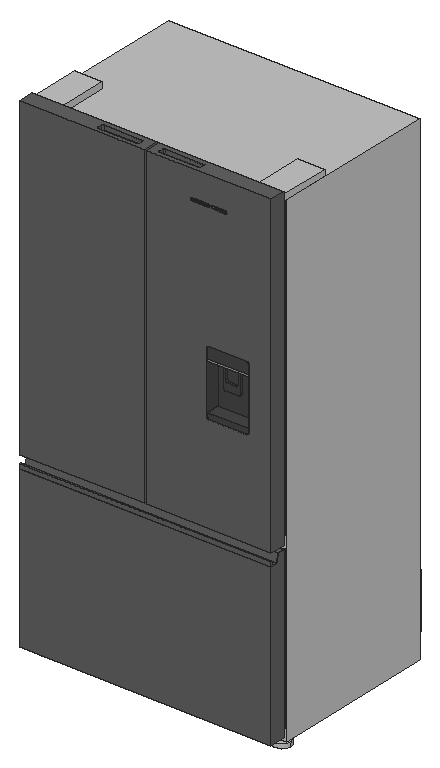
Revit family "FP-Revit22-en-RF610ANUB5-ActivesmartRefrigerator-0-90004251A-SG", category Specialty Equipment, Revit 2022
Family settings
  Round Connector Dimension = Use Diameter
  Part Type = Normal
  OmniClass Number = 23.40.40.11.11.17
  OmniClass Title = Refrigerator-Freezer
  Work Plane-Based = No
  Always vertical = Yes
  Cut with Voids When Loaded = Yes
  Maintain Annotation Orientation = No
  Shared = No
  Room Calculation Point = No
Parameters (values of type "RF610ANUB7")
  Visibility - Clearance Required = yes
  URL = "www.fisherpaykel.com"
  Product - Width = 900 mm  # constant formula
  Product - Height = 1795 mm  # constant formula
  Product - Depth = 695 mm  # constant formula
  Model = "RF610ANUB7"
  Material - Trim = Fisher & Paykel - Aluminium, Dark
  Material - Door Structure = Fisher & Paykel - White
  Material - Door Front = Fisher & Paykel - Stainless Steel, Dark
  Material - Body = Fisher & Paykel - Grey
  Manufacturer = "Fisher & Paykel Appliances"
  Description = "90cm French Door Refrigerator Freezer, Ice and Water"
  Default Elevation = 0 mm
  Connector Description - Water = "Ø6mm (1/4”) quick connect, Max Supply Pressure 120psi (827kPa)"
  Connector Description - Electrical = "230 V, 50 Hz"
  Chassis - Width = 900 mm  # constant formula
  Chassis - Height = 1737 mm  # constant formula
  Chassis - Depth = 625 mm  # constant formula
  Cavity - Width = 940 mm  # constant formula
  Cavity - Height = 1815 mm  # constant formula
  Cavity - Depth = 695 mm  # constant formula
Reference planes
  plane 1 "Datum": y = 0
  plane 2: z = 0
  plane 3 "Center (Left/Right)": x = 0
  plane 4 "Product LHS": x = -450
  plane 5 "Product RHS": x = 450
  plane 6 "Product - Depth": y = 625
  plane 7 "Cavity LHS": x = -470
  plane 8 "Cavity RHS": x = 470
  plane 9 "Cavity - Depth": y = 625
  plane 10 "Cavity Height": z = 1815
  plane 11 "Product - Height": z = 1795
  plane 12 "Door Front": y = -70
Forms (mm)
  Extrusion 1, solid, material "Fisher & Paykel - Grey" <- "Material - Body"
    sketch origin (0, -1.89, -0.809) x (0, 1, 0) y (0, 0, 1)
      loop
        line (1.89, 24.809) -> (596.89, 24.809) -> (596.89, 1761.809) -> (1.89, 1761.809) -> (1.89, 24.809)
    from -450 to 450
  Extrusion 2, void
    sketch origin (-955, 0, 0) x (1, 0, 0) y (0, 0, 1)
      loop
        arc (1182.459, 1245.1) -> (1176.803, 1242.757) -> (1174.459, 1237.1) r 8
        line (1174.459, 1237.1) -> (1174.459, 1017.5)
        arc (1174.459, 1017.5) -> (1176.803, 1011.843) -> (1182.459, 1009.5) r 8
        line (1182.459, 1009.5) -> (1316.959, 1009.5)
        arc (1316.959, 1009.5) -> (1322.616, 1011.843) -> (1324.959, 1017.5) r 8
        line (1324.959, 1017.5) -> (1324.959, 1237.1)
        arc (1324.959, 1237.1) -> (1322.616, 1242.757) -> (1316.959, 1245.1) r 8
        line (1316.959, 1245.1) -> (1182.459, 1245.1)
    from 15 to 70.043
  Extrusion 3, solid, material "Fisher & Paykel - Clearance Required", visible <- "Visibility - Clearance Required", detail levels coarse
    sketch origin (0, 0, 0) x (0, 1, 0) y (0, 0, 1)
      loop
        line (-70.043, 647) -> (-429.921, 647) -> (-429.921, 41) -> (-70.043, 41) -> (-70.043, 647)
    from -457 to 457
  Extrusion 4, solid, material "Fisher & Paykel - White" <- "Material - Door Structure"
    sketch origin (0, 0, 0) x (1, 0, 0) y (0, 0, 1)
      loop
        line (-439, 639) -> (-439, 63) -> (442, 63) -> (442, 639) -> (-439, 639)
      loop
        line (-12, 682) -> (-12, 1755) -> (-439, 1755) -> (-439, 682) -> (-12, 682)
      loop
        line (12, 682) -> (442, 682) -> (442, 1755) -> (12, 1755) -> (12, 682)
    from 0 to 15
  Extrusion 5, solid, material "Fisher & Paykel - Stainless Steel, Dark" <- "Material - Door Front"
    sketch origin (0, 0, 0) x (1, 0, 0) y (0, 0, 1)
      loop
        line (-450, 660) -> (-4, 660) -> (-4, 1795) -> (-450, 1795) -> (-450, 660)
      loop
        line (4, 1795) -> (4, 660) -> (450, 660) -> (450, 1795) -> (4, 1795)
    from 15 to 70.043
  Extrusion 6, solid, material "Fisher & Paykel - Clearance Required", visible <- "Visibility - Clearance Required", detail levels coarse
    sketch origin (0, 0, 0) x (1, 0, 0) y (0, 1, 0)
      loop
        line (-470, 625) -> (-470, 0) -> (-584.999, 0) -> (-584.999, -70) -> (584.999, -70) -> (584.999, 0) -> (470, 0) -> (470, 625) -> (-470, 625)
    from 0 to 1810
  Extrusion 7, solid, material "Fisher & Paykel - Clearance Required", visible <- "Visibility - Clearance Required", detail levels coarse
    sketch origin (0, 0, 0) x (1, 0, 0) y (0, 1, 0)
      loop
        line (-524.032, -70.043) -> (-784.022, -304.139)
        arc (-784.022, -304.139) -> (-313.722, -454.62) -> (-4, -70.043) r 436.47
        line (-4, -70.043) -> (-524.032, -70.043)
      loop
        line (524.032, -70.043) -> (4, -70.043)
        arc (4, -70.043) -> (313.722, -454.62) -> (784.022, -304.139) r 436.47
        line (784.022, -304.139) -> (524.032, -70.043)
    from 660 to 1810
  Extrusion 8, solid, material "Fisher & Paykel - Aluminium, Dark" <- "Material - Trim", detail levels medium+fine
    sketch origin (0, 0, 0) x (0, 1, 0) y (0, 0, 1)
      loop
        line (-15, 647) -> (-39.682, 647) -> (-44.971, 617) -> (-63.531, 617) -> (-66, 631) -> (-70, 631) -> (-70, 615) -> (-43.293, 615) -> (-38.003, 645) -> (-15, 645) -> (-15, 647)
    from -450 to 450
  Extrusion 9, solid, material "Fisher & Paykel - Grey" <- "Material - Body", detail levels medium+fine
    sketch origin (0, 0, 0) x (1, 0, 0) y (0, 1, 0)
      loop
        line (-351.4, 174) -> (-448.4, 174) -> (-448.4, -15) -> (-351.4, -15) -> (-351.4, 174)
      loop
        line (351.4, 174) -> (351.4, -15) -> (448.4, -15) -> (448.4, 174) -> (351.4, 174)
    from 1761 to 1783
  Extrusion 10, void
    sketch origin (0, 0, 0) x (1, 0, 0) y (0, 1, 0)
      loop
        arc (-179.6, -33.15) -> (-183.136, -34.614) -> (-184.6, -38.15) r 5
        line (-184.6, -38.15) -> (-184.6, -51.85)
        arc (-184.6, -51.85) -> (-183.136, -55.386) -> (-179.6, -56.85) r 5
        line (-179.6, -56.85) -> (-39.9, -56.85)
        arc (-39.9, -56.85) -> (-36.364, -55.386) -> (-34.9, -51.85) r 5
        line (-34.9, -51.85) -> (-34.9, -38.15)
        arc (-34.9, -38.15) -> (-36.364, -34.614) -> (-39.9, -33.15) r 5
        line (-39.9, -33.15) -> (-179.6, -33.15)
      loop
        line (179.6, -33.15) -> (39.9, -33.15)
        arc (39.9, -33.15) -> (36.364, -34.614) -> (34.9, -38.15) r 5
        line (34.9, -38.15) -> (34.9, -51.85)
        arc (34.9, -51.85) -> (36.364, -55.386) -> (39.9, -56.85) r 5
        line (39.9, -56.85) -> (179.6, -56.85)
        arc (179.6, -56.85) -> (183.136, -55.386) -> (184.6, -51.85) r 5
        line (184.6, -51.85) -> (184.6, -38.15)
        arc (184.6, -38.15) -> (183.136, -34.614) -> (179.6, -33.15) r 5
    from 1780.5 to 1795
  Extrusion 11, void
    sketch origin (0, 0, 0) x (1, 0, 0) y (0, 1, 0)
      loop
        arc (-179.6, -33.15) -> (-183.136, -34.614) -> (-184.6, -38.15) r 5
        line (-184.6, -38.15) -> (-184.6, -51.85)
        arc (-184.6, -51.85) -> (-183.136, -55.386) -> (-179.6, -56.85) r 5
        line (-179.6, -56.85) -> (-39.9, -56.85)
        arc (-39.9, -56.85) -> (-36.364, -55.386) -> (-34.9, -51.85) r 5
        line (-34.9, -51.85) -> (-34.9, -38.15)
        arc (-34.9, -38.15) -> (-36.364, -34.614) -> (-39.9, -33.15) r 5
        line (-39.9, -33.15) -> (-179.6, -33.15)
      loop
        line (179.6, -33.15) -> (39.9, -33.15)
        arc (39.9, -33.15) -> (36.364, -34.614) -> (34.9, -38.15) r 5
        line (34.9, -38.15) -> (34.9, -51.85)
        arc (34.9, -51.85) -> (36.364, -55.386) -> (39.9, -56.85) r 5
        line (39.9, -56.85) -> (179.6, -56.85)
        arc (179.6, -56.85) -> (183.136, -55.386) -> (184.6, -51.85) r 5
        line (184.6, -51.85) -> (184.6, -38.15)
        arc (184.6, -38.15) -> (183.136, -34.614) -> (179.6, -33.15) r 5
    from 660 to 674.5
  Extrusion 12, solid, material "Fisher & Paykel - Grey" <- "Material - Body", detail levels medium+fine
    sketch origin (0, 0, 0) x (1, 0, 0) y (0, 1, 0)
      loop
        circle (419.5, 18.6) r 30
      loop
        circle (-419.5, 18.6) r 30
    from 0 to 14
  Extrusion 13, solid, material "Fisher & Paykel - Grey" <- "Material - Body", detail levels medium+fine
    sketch origin (0, 0, 0) x (1, 0, 0) y (0, 1, 0)
      loop
        circle (419.5, 18.6) r 4.9
      loop
        circle (-419.5, 18.6) r 4.9
    from 14 to 24
  Extrusion 14, solid, material "Fisher & Paykel - Grey" <- "Material - Body", detail levels medium+fine
    sketch origin (0, 0, 0) x (0, 1, 0) y (0, 0, 1)
      loop
        arc (63.5, 24) -> (87.5, 0) -> (111.5, 24) r 24
        line (111.5, 24) -> (63.5, 24)
      loop
        arc (505, 24) -> (529, 0) -> (553, 24) r 24
        line (553, 24) -> (505, 24)
    from -393.35 to -376.65
  Extrusion 15, solid, material "Fisher & Paykel - Grey" <- "Material - Body", detail levels medium+fine
    sketch origin (0, 0, 0) x (0, 1, 0) y (0, 0, -1)
      loop
        line (63.5, -24) -> (111.5, -24)
        arc (111.5, -24) -> (87.5, 0) -> (63.5, -24) r 24
      loop
        line (505, -24) -> (553, -24)
        arc (553, -24) -> (529, 0) -> (505, -24) r 24
    from -393.35 to -376.65
  Extrusion 16, solid, material "Fisher & Paykel - Grey" <- "Material - Body"
    sketch origin (0, 0, 0) x (0, 1, 0) y (0, 0, 1)
      loop
        line (595, 24) -> (625, 24) -> (625, 294) -> (595, 324) -> (595, 24)
    from -430 to 430
  Extrusion 17, void
    sketch origin (0, 0, 0) x (1, 0, 0) y (0, 0, 1)
      loop
        line (255, 94) -> (255, 24) -> (430, 24) -> (430, 94) -> (255, 94)
      loop
        circle (410, 69) r 5
      loop
        circle (310, 69) r 5
    from -625 to -595
  Extrusion 18, solid, material "Fisher & Paykel - Stainless Steel, Dark" <- "Material - Door Front"
    sketch origin (0, 0, 0) x (0, 1, 0) y (0, 0, 1)
      loop
        line (-15, 645) -> (-38.003, 645) -> (-43.293, 615) -> (-70, 615) -> (-70, 41) -> (-15, 41) -> (-15, 645)
    from -450 to 450
  Extrusion 19, void
    sketch origin (0, 0, 0) x (1, 0, 0) y (0, 1, 0)
      loop
        line (-470, 625) -> (-470, 0) -> (-584.999, 0) -> (-584.999, -70) -> (584.999, -70) -> (584.999, 0) -> (470, 0) -> (470, 625) -> (-470, 625)
    from 0 to 1810
Cuts and joins
  Extrusion 2, Extrusion 10, Extrusion 11 cuts Extrusion 5
  Extrusion 17 cuts Extrusion 1
  Extrusion 17 cuts Extrusion 16
Text (mm)
  text "Due to ongoing product development, product details are subject to change without notice. \nPlease always refer to www.fisherpaykel.com for the most current product information. \n© Fisher & Paykel 2020" at (41.04, -527.568, 0), in view "Ref. Level (Plan)"
Dimensions and locks
  equal spacing: plane 4 "Product LHS", plane 3 "Center (Left/Right)", plane 5 "Product RHS"
  "Product - Width": plane 4 "Product LHS" to plane 5 "Product RHS"
  equal spacing: plane 7 "Cavity LHS", plane 3 "Center (Left/Right)", plane 8 "Cavity RHS"
  "Cavity - Width": plane 7 "Cavity LHS" to plane 8 "Cavity RHS"
  "Cavity - Height": plane 10 "Cavity Height" to level
  Extrusion 2 sketch curve to plane 3 "Center (Left/Right)" = 369.959 mm
  Extrusion 2 sketch curve to Extrusion 2 sketch curve = 235.6 mm
  Extrusion 2 sketch curve to level = 1009.5 mm
  Extrusion 2 sketch curve to Extrusion 2 sketch curve = 150.5 mm
  "Product - Height": level to plane 11 "Product - Height"
  "Chassis - Height": cut or joined group of Extrusion 1, Extrusion 17 to cut or joined group of Extrusion 1, Extrusion 17
  plane 7 "Cavity LHS" to plane 4 "Product LHS" = 20 mm
  plane 5 "Product RHS" to plane 8 "Cavity RHS" = 20 mm
  Extrusion 6 to plane 4 "Product LHS" = 134.999 mm
  plane 5 "Product RHS" to Extrusion 6 = 134.999 mm
  plane 11 "Product - Height" to nested 2 = 102.779 mm
  nested 2 to plane 3 "Center (Left/Right)" = 227 mm
  "Cavity - Depth": plane 12 "Door Front" to plane 9 "Cavity - Depth"
  plane 12 "Door Front" to plane 1 "Datum" = 70 mm
  "Chassis - Depth": plane 6 "Product - Depth" to plane 1 "Datum"
  "Product - Depth": plane 6 "Product - Depth" to plane 12 "Door Front"
  aligned and locked: level to plane 2
  aligned and locked: plane 4 "Product LHS" to Extrusion 1
  aligned and locked: Extrusion 1 to plane 5 "Product RHS"
  aligned and locked: Extrusion 12 to level
  aligned and locked: Extrusion 17 to Extrusion 16
  aligned and locked: Extrusion 5 to Extrusion 10
  aligned and locked: plane 9 "Cavity - Depth" to Extrusion 6
  aligned and locked: plane 6 "Product - Depth" to Extrusion 17
  aligned and locked: plane 12 "Door Front" to Extrusion 6 sketch curve
  aligned and locked: Extrusion 6 sketch curve to plane 1 "Datum"
  aligned and locked: plane 12 "Door Front" to Extrusion 18 sketch curve
  aligned and locked: Extrusion 18 to plane 5 "Product RHS"
  aligned and locked: plane 4 "Product LHS" to Extrusion 18
Automatic sketch dimensions
  Extrusion 1 sketch curve to plane 1 "Datum" = 0 mm
  Extrusion 1 sketch curve to plane 6 "Product - Depth" = 30 mm
  level to Extrusion 1 sketch curve = 24 mm
  plane 11 "Product - Height" to Extrusion 1 sketch curve = 34 mm
  Extrusion 2 sketch curve to Extrusion 2 sketch curve = 8 mm  (x4)
  plane 12 "Door Front" to Extrusion 3 sketch curve = 359.921 mm
  plane 12 "Door Front" to Extrusion 3 sketch curve = 0.043 mm
  level to Extrusion 3 sketch curve = 41 mm
  Extrusion 3 sketch curve to Extrusion 3 sketch curve = 606 mm
  Extrusion 4 sketch curve to plane 4 "Product LHS" = 11 mm  (x2)
  Extrusion 4 sketch curve to plane 3 "Center (Left/Right)" = 12 mm
  plane 3 "Center (Left/Right)" to Extrusion 4 sketch curve = 12 mm
  plane 5 "Product RHS" to Extrusion 4 sketch curve = 8 mm  (x2)
  level to Extrusion 4 sketch curve = 63 mm
  Extrusion 4 sketch curve to Extrusion 4 sketch curve = 576 mm
  Extrusion 4 sketch curve to Extrusion 4 sketch curve = 43 mm
  Extrusion 4 sketch curve to Extrusion 4 sketch curve = 0 mm  (x2)
  plane 11 "Product - Height" to Extrusion 4 sketch curve = 40 mm
  plane 4 "Product LHS" to Extrusion 5 sketch curve = 0 mm
  plane 5 "Product RHS" to Extrusion 5 sketch curve = 0 mm
  Extrusion 5 sketch curve to plane 11 "Product - Height" = 0 mm  (x2)
  Extrusion 5 sketch curve to plane 3 "Center (Left/Right)" = 4 mm
  plane 3 "Center (Left/Right)" to Extrusion 5 sketch curve = 4 mm
  level to Extrusion 5 sketch curve = 660 mm
  Extrusion 5 sketch curve to Extrusion 5 sketch curve = 0 mm
  Extrusion 6 sketch curve to plane 6 "Product - Depth" = 0 mm
  Extrusion 6 sketch curve to plane 7 "Cavity LHS" = 0 mm
  Extrusion 6 sketch curve to plane 8 "Cavity RHS" = 0 mm
  plane 1 "Datum" to Extrusion 6 sketch curve = 0 mm
  plane 7 "Cavity LHS" to Extrusion 6 sketch curve = 114.999 mm
  Extrusion 6 sketch curve to Extrusion 6 sketch curve = 114.999 mm
  plane 7 "Cavity LHS" to Extrusion 7 sketch curve = 314.022 mm
  plane 12 "Door Front" to Extrusion 7 sketch curve = 0.043 mm  (x2)
  plane 7 "Cavity LHS" to Extrusion 7 sketch curve = 54.032 mm
  Extrusion 7 sketch curve to plane 4 "Product LHS" = 10.815 mm
  Extrusion 7 sketch curve to plane 3 "Center (Left/Right)" = 4 mm
  plane 3 "Center (Left/Right)" to Extrusion 7 sketch curve = 4 mm
  plane 5 "Product RHS" to Extrusion 7 sketch curve = 10.815 mm
  Extrusion 7 sketch curve to plane 8 "Cavity RHS" = 54.032 mm
  plane 12 "Door Front" to Extrusion 7 sketch curve = 234.139 mm  (x2)
  Extrusion 7 sketch curve to Extrusion 7 sketch curve = 259.99 mm
  Extrusion 8 sketch curve to plane 12 "Door Front" = 0 mm
  Extrusion 8 sketch curve to Extrusion 8 sketch curve = 4 mm
  Extrusion 8 sketch curve to plane 12 "Door Front" = 6.469 mm
  Extrusion 8 sketch curve to Extrusion 8 sketch curve = 18.56 mm
  Extrusion 8 sketch curve to Extrusion 8 sketch curve = 1.678 mm  (x2)
  Extrusion 8 sketch curve to plane 12 "Door Front" = 30.318 mm
  plane 1 "Datum" to Extrusion 8 sketch curve = 15 mm
  level to Extrusion 8 sketch curve = 615 mm
  Extrusion 8 sketch curve to Extrusion 8 sketch curve = 2 mm  (x2)
  Extrusion 8 sketch curve to Extrusion 8 sketch curve = 14 mm
  Extrusion 8 sketch curve to Extrusion 8 sketch curve = 28 mm
  Extrusion 9 sketch curve to plane 4 "Product LHS" = 1.6 mm
  plane 1 "Datum" to Extrusion 9 sketch curve = 15 mm  (x2)
  Extrusion 9 sketch curve to Extrusion 9 sketch curve = 97 mm
  plane 5 "Product RHS" to Extrusion 9 sketch curve = 98.6 mm
  plane 5 "Product RHS" to Extrusion 9 sketch curve = 1.6 mm
  Extrusion 9 sketch curve to plane 1 "Datum" = 174 mm  (x2)
  Extrusion 10 sketch curve to plane 12 "Door Front" = 18.15 mm  (x3)
  Extrusion 10 sketch curve to plane 3 "Center (Left/Right)" = 184.6 mm
  Extrusion 10 sketch curve to Extrusion 10 sketch curve = 5 mm  (x6)
  Extrusion 10 sketch curve to plane 3 "Center (Left/Right)" = 39.9 mm
  plane 3 "Center (Left/Right)" to Extrusion 10 sketch curve = 34.9 mm
  Extrusion 10 sketch curve to plane 12 "Door Front" = 31.85 mm
  Extrusion 10 sketch curve to Extrusion 10 sketch curve = 139.7 mm
  Extrusion 10 sketch curve to Extrusion 10 sketch curve = 0 mm
  Extrusion 10 sketch curve to Extrusion 10 sketch curve = 13.7 mm
  Extrusion 11 sketch curve to plane 12 "Door Front" = 18.15 mm  (x3)
  Extrusion 11 sketch curve to plane 3 "Center (Left/Right)" = 184.6 mm
  Extrusion 11 sketch curve to Extrusion 11 sketch curve = 5 mm  (x6)
  Extrusion 11 sketch curve to plane 3 "Center (Left/Right)" = 39.9 mm
  plane 3 "Center (Left/Right)" to Extrusion 11 sketch curve = 34.9 mm
  Extrusion 11 sketch curve to plane 12 "Door Front" = 31.85 mm
  Extrusion 11 sketch curve to Extrusion 11 sketch curve = 139.7 mm
  Extrusion 11 sketch curve to Extrusion 11 sketch curve = 0 mm
  Extrusion 11 sketch curve to Extrusion 11 sketch curve = 13.7 mm
  Extrusion 12 sketch curve to plane 4 "Product LHS" = 30.5 mm
  plane 5 "Product RHS" to Extrusion 12 sketch curve = 30.5 mm
  Extrusion 12 sketch curve to plane 1 "Datum" = 18.6 mm  (x2)
  Extrusion 13 sketch curve to plane 4 "Product LHS" = 30.5 mm
  plane 5 "Product RHS" to Extrusion 13 sketch curve = 30.5 mm
  Extrusion 13 sketch curve to plane 1 "Datum" = 18.6 mm  (x2)
  Extrusion 14 sketch curve to plane 1 "Datum" = 63.5 mm
  Extrusion 14 sketch curve to Extrusion 14 sketch curve = 24 mm  (x2)
  level to Extrusion 14 sketch curve = 24 mm  (x2)
  Extrusion 14 sketch curve to plane 6 "Product - Depth" = 120 mm
  Extrusion 15 sketch curve to plane 1 "Datum" = 63.5 mm
  Extrusion 15 sketch curve to Extrusion 15 sketch curve = 24 mm  (x2)
  level to Extrusion 15 sketch curve = 24 mm  (x2)
  Extrusion 15 sketch curve to plane 6 "Product - Depth" = 120 mm
  Extrusion 16 sketch curve to plane 6 "Product - Depth" = 0 mm
  Extrusion 16 sketch curve to plane 6 "Product - Depth" = 30 mm
  level to Extrusion 16 sketch curve = 24 mm
  Extrusion 16 sketch curve to Extrusion 16 sketch curve = 270 mm
  Extrusion 16 sketch curve to Extrusion 16 sketch curve = 30 mm
  level to Extrusion 17 sketch curve = 94 mm
  plane 5 "Product RHS" to Extrusion 17 sketch curve = 195 mm
  Extrusion 17 sketch curve to Extrusion 17 sketch curve = 55 mm
  plane 5 "Product RHS" to Extrusion 17 sketch curve = 40 mm
  plane 5 "Product RHS" to Extrusion 17 sketch curve = 20 mm
  Extrusion 17 sketch curve to Extrusion 17 sketch curve = 25 mm  (x2)
  level to Extrusion 17 sketch curve = 24 mm
  Extrusion 18 sketch curve to Extrusion 18 sketch curve = 26.707 mm
  Extrusion 18 sketch curve to Extrusion 18 sketch curve = 5.29 mm
  plane 1 "Datum" to Extrusion 18 sketch curve = 15 mm
  level to Extrusion 18 sketch curve = 41 mm
  Extrusion 18 sketch curve to Extrusion 18 sketch curve = 574 mm
  Extrusion 18 sketch curve to Extrusion 18 sketch curve = 30 mm
  plane 1 "Datum" to Extrusion 19 sketch curve = 0 mm  (x2)
  plane 12 "Door Front" to Extrusion 19 sketch curve = 0 mm
  Extrusion 19 sketch curve to plane 6 "Product - Depth" = 0 mm
  Extrusion 19 sketch curve to plane 7 "Cavity LHS" = 0 mm
  Extrusion 19 sketch curve to plane 8 "Cavity RHS" = 0 mm
  plane 7 "Cavity LHS" to Extrusion 19 sketch curve = 114.999 mm
  Extrusion 19 sketch curve to Extrusion 19 sketch curve = 114.999 mm
  radius of Extrusion 12 sketch curve = 30 mm  (x2)
  radius of Extrusion 13 sketch curve = 4.9 mm  (x2)
  radius of Extrusion 17 sketch curve = 5 mm  (x2)
Nested families
  nested 1: "F&P Water Dispenser" at (294.25, -70, 1009.5), type "F&P Water Dispenser"
  nested 2: "F&P Logo 130mm" at (227, -70, 1692.221), type "F&P Logo 130mm"
Connectors
  electrical at (410, 625, 69), driven by "Connector Description - Electrical"
    settings: on cut or joined group of Extrusion 16, Extrusion 17, index 3, voltage 230 V, apparent load 0 VA, apparent load phase1 0 VA, apparent load phase2 0 VA, apparent load phase3 0 VA, power factor 1, load classification "Other", number of poles 1, system type 30, power factor state 1, is connector primary yes, connector utility no, sub classification motor no, connector description "230 V, 50 Hz"
  piping at (310, 625, 69), diameter 6, driven by "Connector Description - Water"
    settings: on cut or joined group of Extrusion 16, Extrusion 17, index 4, connector inside diameter 609.6 mm, connector length 0 mm, flow factor 0, pipe flow 0.0 L/s, pressure drop 0.0 Pa, fitting loss kfactor 0, connector angle 0.00°, fixture units 0, engagement length 0 mm, angle of deflection 0.00°, flow configuration 0, flow direction 1, fitting loss method 0, system type 20, joint type 0, gender type 0, connector reference index -1, connector utility 0, adjustable connector no, is connector primary yes, connector description "Ø6mm (1/4”) quick connect, Max Supply Pressure 120psi (827kPa)"
Definition of nested family "F&P Water Dispenser"
  Parameters (values of type "F&P Water Dispenser")
    URL = "www.fisherpaykel.com"
    Material - Trim = none
    Material - Body = none
    Manufacturer = "Fisher & Paykel Appliances"
    Default Elevation = 0 mm
    Connector Description - Water = ""
    Connector Description - Electrical = ""
  Reference planes
    plane 1 "Center (Front/Back)": y = 0
    plane 2: z = 0
    plane 3 "Center (Left/Right)": x = 0
  Forms (mm)
    Extrusion 1, solid, material <- "Material - Body"
      sketch origin (0, 0, 0) x (1, 0, 0) y (0, 0, 1)
        loop
          arc (-67.25, 235.6) -> (-72.907, 233.257) -> (-75.25, 227.6) r 8
          line (-75.25, 227.6) -> (-75.25, 8)
          arc (-75.25, 8) -> (-72.907, 2.343) -> (-67.25, 0) r 8
          line (-67.25, 0) -> (67.25, 0)
          arc (67.25, 0) -> (72.907, 2.343) -> (75.25, 8) r 8
          line (75.25, 8) -> (75.25, 227.609)
          arc (75.25, 227.609) -> (72.909, 233.259) -> (67.259, 235.6) r 7.991
          line (67.259, 235.6) -> (-67.25, 235.6)
        loop
          line (-74.25, 192.6) -> (-74.25, 20) -> (74.25, 20) -> (74.25, 192.6) -> (-74.25, 192.6)
      from -55 to 0
    Extrusion 2, solid, material <- "Material - Trim", detail levels fine
      sketch origin (0, 0, 0) x (1, 0, 0) y (0, 0, 1)
        loop
          line (-74.25, 192.6) -> (-74.25, 187.1) -> (74.25, 187.1) -> (74.25, 192.6) -> (-74.25, 192.6)
      from -55 to 0
    Extrusion 3, solid, material <- "Material - Body"
      sketch origin (0, 0, 0) x (1, 0, 0) y (0, 0, 1)
        loop
          line (-74.25, 187.1) -> (-74.25, 20) -> (74.25, 20) -> (74.25, 187.1) -> (-74.25, 187.1)
      from -55 to -50
    Extrusion 4, solid, material <- "Material - Body", detail levels fine
      sketch origin (0, 0, 0) x (1, 0, 0) y (0, 0, 1)
        loop
          line (-30, 187.1) -> (-30, 105.1)
          arc (-30, 105.1) -> (-27.657, 99.443) -> (-22, 97.1) r 8
          line (-22, 97.1) -> (22, 97.1)
          arc (22, 97.1) -> (27.657, 99.443) -> (30, 105.1) r 8
          line (30, 105.1) -> (30, 187.1) -> (23.5, 187.1) -> (23.5, 134.1)
          arc (23.5, 134.1) -> (21.157, 128.443) -> (15.5, 126.1) r 8
          line (15.5, 126.1) -> (-15.5, 126.1)
          arc (-15.5, 126.1) -> (-21.157, 128.443) -> (-23.5, 134.1) r 8
          line (-23.5, 134.1) -> (-23.5, 187.1) -> (-30, 187.1)
      from -27.6 to -21.6
    Extrusion 5, solid, material <- "Material - Body", detail levels fine
      sketch origin (0, 0, 0) x (1, 0, 0) y (0, 1, 0)
        loop
          circle (0, 24.6) r 7.5
      from 179.1 to 187.1
  Dimensions and locks
    aligned and locked: level to plane 2
Definition of nested family "F&P Logo 130mm"
  Parameters (values of type "F&P Logo 130mm")
    URL = "www.fisherpaykel.com"
    Material - Logo = none
    Manufacturer = "Fisher & Paykel Appliances"
    Default Elevation = 0 mm
  Reference planes
    plane 1 "Center (Front/Back)": y = 0
    plane 2: z = 0
    plane 3 "Center (Left/Right)": x = 0
  Forms (mm)
    Extrusion 1, solid, material <- "Material - Logo", detail levels fine
      sketch origin (0, 0, 0) x (1, 0, 0) y (0, 0, 1)
        loop
          line (-64.995, 0) -> (-62.949, 0) -> (-62.949, 2.779) -> (-59.752, 2.779) -> (-59.752, 4.514) -> (-62.949, 4.514) -> (-62.949, 6.125) -> (-59.47, 6.125) -> (-59.47, 7.852) -> (-64.995, 7.852) -> (-64.995, 0)
        loop
          line (-55.583, 7.852) -> (-55.583, 0) -> (-53.537, 0) -> (-53.537, 7.852) -> (-55.583, 7.852)
        loop
          line (-39.879, 7.852) -> (-39.879, 0) -> (-37.834, 0) -> (-37.834, 3.146) -> (-34.828, 3.146) -> (-34.828, 0) -> (-32.782, 0) -> (-32.782, 7.852) -> (-34.828, 7.852) -> (-34.828, 4.872) -> (-37.834, 4.872) -> (-37.834, 7.852) -> (-39.879, 7.852)
        loop
          line (-28.416, 7.852) -> (-28.416, 0) -> (-22.821, 0) -> (-22.821, 1.727) -> (-26.388, 1.727) -> (-26.388, 3.146) -> (-23.128, 3.146) -> (-23.128, 4.872) -> (-26.388, 4.872) -> (-26.388, 6.125) -> (-22.821, 6.125) -> (-22.821, 7.852) -> (-28.416, 7.852)
        loop
          line (59.429, 7.852) -> (59.429, 0) -> (65.005, 0) -> (65.005, 1.727) -> (61.476, 1.727) -> (61.476, 7.852) -> (59.429, 7.852)
        loop
          line (55.223, 7.852) -> (49.609, 7.852) -> (49.609, 0) -> (55.223, 0) -> (55.223, 1.727) -> (51.655, 1.727) -> (51.655, 3.146) -> (54.916, 3.146) -> (54.916, 4.872) -> (51.655, 4.872) -> (51.655, 6.125) -> (55.223, 6.125) -> (55.223, 7.852)
        loop
          line (43.548, 4.092) -> (46.45, 7.852) -> (44.059, 7.852) -> (41.552, 4.604) -> (41.552, 7.852) -> (39.507, 7.852) -> (39.507, 0) -> (41.552, 0) -> (41.552, 3.517) -> (44.136, 0) -> (46.554, 0) -> (43.548, 4.092)
        loop
          line (28.637, 7.852) -> (31.604, 3.146) -> (31.604, 0) -> (33.65, 0) -> (33.65, 3.043) -> (36.617, 7.852) -> (34.443, 7.852) -> (32.692, 4.819) -> (30.941, 7.852) -> (28.637, 7.852)
        loop
          line (24.085, 7.852) -> (22.141, 7.852) -> (18.943, 0) -> (20.952, 0) -> (21.514, 1.445) -> (24.66, 1.445) -> (25.223, 0) -> (27.282, 0) -> (24.085, 7.852)
        loop
          line (23.982, 3.171) -> (23.064, 5.426) -> (22.186, 3.171) -> (23.982, 3.171)
        loop
          line (10.503, 7.852) -> (10.503, 0) -> (12.55, 0) -> (12.55, 2.519) -> (13.842, 2.519)
          arc (13.842, 2.519) -> (16.508, 5.186) -> (13.842, 7.852) r 2.666
          line (13.842, 7.852) -> (10.503, 7.852)
        loop
          line (12.55, 6.125) -> (12.55, 4.156) -> (13.714, 4.156)
          arc (13.714, 4.156) -> (14.699, 5.141) -> (13.714, 6.125) r 0.985
          line (13.714, 6.125) -> (12.55, 6.125)
        loop
          line (-15.255, 7.852) -> (-18.614, 7.852) -> (-18.614, 0) -> (-16.568, 0) -> (-16.568, 2.052) -> (-15.768, 2.052) -> (-14.202, 0) -> (-11.836, 0) -> (-13.84, 2.565)
          arc (-13.84, 2.565) -> (-12.519, 5.752) -> (-15.255, 7.852) r 2.833
        loop
          line (-15.404, 6.125) -> (-16.568, 6.125) -> (-16.568, 3.969) -> (-15.404, 3.969)
          arc (-15.404, 3.969) -> (-14.326, 5.047) -> (-15.404, 6.125) r 1.078
        loop
          line (0.683, 6.125) -> (0.683, 7.999) -> (-4.586, 7.999) -> (-4.586, 6.306) -> (-3.804, 5.345)
          arc (-3.804, 5.345) -> (-4.501, 0.889) -> (0.004, 0.665) r 3.034
          line (0.004, 0.665) -> (0.546, 0) -> (2.867, 0) -> (1.181, 2.072) -> (2.704, 4.268) -> (0.602, 4.268) -> (0.046, 3.467) -> (-2.117, 6.125) -> (0.683, 6.125)
        loop
          arc (-2.7, 3.989) -> (-2.887, 2.168) -> (-1.066, 1.981) r 1.294
          line (-1.066, 1.981) -> (-2.7, 3.989)
        loop
          line (-45.672, 4.724) -> (-47.408, 5.084)
          arc (-47.408, 5.084) -> (-48.101, 5.776) -> (-47.408, 6.469) r 0.693
          arc (-47.408, 6.469) -> (-45.742, 6.227) -> (-44.214, 5.522) r 5.856
          line (-44.214, 5.522) -> (-44.214, 7.466)
          arc (-44.214, 7.466) -> (-46.152, 8.033) -> (-48.168, 7.942) r 6.144
          arc (-48.168, 7.942) -> (-50.034, 5.635) -> (-48.168, 3.329) r 2.358
          line (-48.168, 3.329) -> (-46.418, 2.967)
          arc (-46.418, 2.967) -> (-45.725, 2.274) -> (-46.418, 1.581) r 0.693
          arc (-46.418, 1.581) -> (-48.083, 1.823) -> (-49.611, 2.528) r 5.856
          line (-49.611, 2.528) -> (-49.611, 0.584)
          arc (-49.611, 0.584) -> (-47.674, 0.017) -> (-45.658, 0.108) r 6.144
          arc (-45.658, 0.108) -> (-43.791, 2.422) -> (-45.672, 4.724) r 2.358
      from 0 to 0.8
  Dimensions and locks
    aligned and locked: level to plane 2
